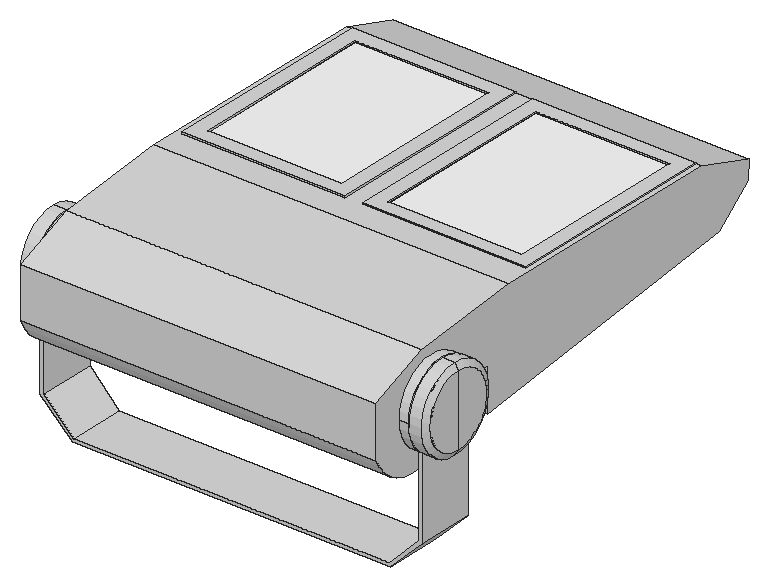
Revit family "0049116 Feilo Sylvania Lighting Fixture SYLVEO LED 12000LM WIDE 3K", category Lighting Fixtures, host Face, Revit 2017
Family settings
  Host = Face
  Round Connector Dimension = Use Diameter
  Part Type = Normal
  Cut with Voids When Loaded = No
  Light Source = No
  Shared = No
  Room Calculation Point = No
Parameters (values of type "0049116 SYLVEO LED 12000LM WIDE 3K")
  Weight = "8.424 kg"
  Wattage Comments = "n/a"
  WarrantyStartDate [instance] = "n/a"
  WarrantyGuarantorParts = "n/a"
  WarrantyDurationUnit = "n/a"
  WarrantyDurationParts = "n/a"
  WarrantyDescription = "n/a"
  Voltage = 230 V
  URL = "http://www.sylvania-lighting.com"
  TypeName = "SYLVEO LED 12000LM WIDE 3K"
  TypeBody_FEILO = Sylveo Large Body : 0049116 SYLVEO LED 12000LM WIDE 3K
  Type Image = <None>
  Type Comments = "n/a"
  TotalWidth = 344 mm
  TiltAngle [instance] = 0.00°
  StartAngle [instance] = -TiltAngle  # 0.00°
  SerialNumber [instance] = "n/a"
  PowerFactor = 0
  PowerConsumption = "120.2 W"
  NominalWidth = 0 mm
  NominalLength = 344 mm
  NominalHeight = 392 mm
  Name = "SYLVEO LED 12000LM WIDE 3K"
  ModelReference = "SYLVEO LED 12000LM WIDE 3K"
  ModelNumber = "0049116"
  Model = "SYLVEO LED 12000LM WIDE 3K"
  Material_4_FEILO = none
  Material_3_FEILO = none
  Material_2_FEILO = none
  Material_1_FEILO = Body-Sylvania-Sylveo-Aluminium
  Material = "aluminium housing, glass diffuser"
  ManufacturerName = "Feilo Sylvania"
  Manufacturer = "Feilo Sylvania"
  LuminousEfficacy = "103.1 lm/W"
  LuminaireType = ""
  LightOutputRatio = "100"
  LampsType = Lamp  # "LED"
  LampNominalLuminous = "12393 lm"
  LampMacAdamStep = "6"
  LampColourTemperature = "3000 K"
  LampColourRenderingIndex = "70"
  Lamp = "LED"
  Keynote = "16500"
  InstallationDate [instance] = "n/a"
  InputVoltage = "100-240V~"
  InputNominalFrequency = "50 Hz"
  IngressProtection = "IP66"
  ImpactProtectionIndex = "IK08"
  IfcExportType = "IfcLightFixtureType"
  IfcExportAs = "IfcLightFixtureType"
  HingeHeight = 121 mm
  ExpectedLife = 50000
  EndAngle [instance] = StartAngle + 180.00°  # 180.00°
  ElectricShockClassification = "Class I"
  DurationUnit = "hours"
  DocumentationLiterature = "http://www.sylvania-lighting.com/product/en-int/products/0049116"
  DimmingControlOptions = "Non dimmable"
  Description = "Exterior LED Floodlight, comes complete with a 1000mm cable and adjustable bracket, aluminium housing, clear glass diffuser, IP66, IK08, Class I, 3000K, Non-dimming, 12393lm, 120W, 103lm/W, 3600mA, CRI70, 52° beam angle, 50000hrs, (LxWxD) 98x344x392mm"
  Default Elevation = 1219.2 mm
  CreatedOn = "12/18/2017"
  CreatedBy = ""
  Cost = 0
  built-in parameter 1114216 [instance] = (empty or 0)
  ClassificationValue = "EF_70_80"
  ClassificationName = "Uniclass2015"
  Calculate Coefficient of Utilization = no
  BracketWidth = 48 mm
  BracketThickness = 3 mm
  BracketOuterWidth = BracketInnerWidth + 2 * BracketThickness  # 322 mm
  BracketInnerWidth = 316 mm
  BracketFold = 25 mm
  BracketExtrusionStart = -BracketWidth / 2  # -24 mm
  BracketExtrusionEnd = BracketWidth / 2  # 24 mm
  BarCode [instance] = "n/a"
  AssetType = "Fixed"
  AssetIdentifier [instance] = "n/a"
  Assembly Code = "D5020200"
  Apparent Load = 120.2 VA
Reference planes
  plane 1 "Center (Front/Back)": y = 0
  plane 2: z = 0
  plane 3 "Center (Left/Right)": x = 0
  plane 4: x = 158
  plane 5: x = -158
  plane 6: z = 121
  plane 7: x = 172
  plane 8: x = -172
  plane 9: z = 156
  plane 10: z = 86
  plane 11: x = 169
  plane 12: x = -169
  plane 13: x = 161
  plane 14: x = -161
  plane 15: z = 3
  plane 16: z = 28
  plane 17: x = 133
  plane 18: x = -133
  plane 19: z = 91
Forms (mm)
  Extrusion 1, solid, material "Body-Sylvania-Sylveo-Aluminium" <- "Material_1_FEILO"
    sketch origin (0, 0, 0) x (1, 0, 0) y (0, 0, 1)
      loop
        line (0, 3) -> (0, 0) -> (133.828, 0) -> (161, 27.172) -> (161, 121) -> (158, 121) -> (158, 28) -> (133, 3) -> (0, 3)
    from -24 <- "BracketExtrusionStart" to 24 <- "BracketExtrusionEnd"
  Extrusion 2, solid, material "Body-Sylvania-Sylveo-Aluminium" <- "Material_1_FEILO"
    sketch origin (0, 0, 0) x (-1, 0, 0) y (0, 0, -1)
      loop
        line (0, -3) -> (133, -3) -> (158, -28) -> (158, -121) -> (161, -121) -> (161, -27.172) -> (133.828, 0) -> (0, 0) -> (0, -3)
    from -24 <- "BracketExtrusionStart" to 24 <- "BracketExtrusionEnd"
  Revolve 3, solid, material "Body-Sylvania-Sylveo-Aluminium" <- "Material_1_FEILO"
    sketch origin (0, 0, 0) x (1, 0, 0) y (0, 0, 1)
      loop
        line (-158, 121) -> (-172, 121) -> (-172, 91) -> (-169, 86) -> (-158, 86) -> (-158, 121)
      axis (-158, 121) -> (-172, 121)
    angle from 0 to 360
  Revolve 4, solid, material "Body-Sylvania-Sylveo-Aluminium" <- "Material_1_FEILO"
    sketch origin (0, 0, 0) x (-1, 0, 0) y (0, 0, 1)
      loop
        line (-158, 121) -> (-172, 121) -> (-172, 91) -> (-169, 86) -> (-158, 86) -> (-158, 121)
      axis (-158, 121) -> (-172, 121)
    angle from 0 to 360
  Revolve 5, solid, not visible
    sketch origin (181.107, 0, 121) x (1, 0, 0) y (0, 1, 0)
      loop
        line (-191.101, 0) -> (-171.112, 0) -> (-171.112, 10) -> (-191.101, 10) -> (-191.101, 0)
      axis (-171.112, 0) -> (-191.101, 0)
    angle from 0 <- "StartAngle" to 180 <- "EndAngle"
Cuts and joins
  joined: Extrusion 1, Extrusion 2, Revolve 3, Revolve 4
Dimensions and locks
  equal spacing: plane 5, plane 3 "Center (Left/Right)", plane 4
  equal spacing: plane 7, plane 3 "Center (Left/Right)", plane 8
  "TotalWidth": plane 7 to plane 8
  "HingeHeight": plane 2 to plane 6
  equal spacing: plane 10, plane 6, plane 9
  locked: plane 10 to plane 9 at 70
  equal spacing: plane 11, plane 3 "Center (Left/Right)", plane 12
  locked: plane 11 to plane 12 at 338
  equal spacing: plane 13, plane 3 "Center (Left/Right)", plane 14
  "BracketThickness": plane 2 to plane 15
  equal spacing: plane 17, plane 3 "Center (Left/Right)", plane 18
  locked: plane 19 to plane 10 at 5
  locked: Revolve 5 sketch curve to Revolve 5 sketch curve at 10
  equal spacing: Revolve 5 sketch curve, plane 3 "Center (Left/Right)", Revolve 5 sketch curve
  locked: Revolve 5 sketch curve to Revolve 5 sketch curve at 19.988
  "BracketInnerWidth": plane 5 to plane 4
  "BracketOuterWidth": plane 13 to plane 14
  "BracketFold": plane 4 to plane 17
  "BracketFold": plane 15 to plane 16
  aligned and locked: plane 2 to host face
  aligned and locked: level to host face
  aligned and locked: Revolve 3 sketch curve to plane 10
  aligned and locked: Revolve 3 sketch curve to plane 8
  aligned and locked: plane 5 to Revolve 3 sketch curve
  aligned and locked: Revolve 3 sketch curve to plane 6  (x2)
  aligned and locked: Revolve 5 sketch curve to plane 1 "Center (Front/Back)"
  aligned and locked: plane 3 "Center (Left/Right)" to nested 1
Automatic sketch dimensions
  host sketch curve to host sketch curve = 2438.4 mm  (x2)
  Extrusion 1 sketch curve to plane 3 "Center (Left/Right)" = 0 mm  (x2)
  Extrusion 1 sketch curve to level = 0 mm  (x2)
  Extrusion 1 sketch curve to plane 15 = 0 mm
  Extrusion 1 sketch curve to plane 17 = 0 mm
  plane 4 to Extrusion 1 sketch curve = 0 mm
  Extrusion 1 sketch curve to plane 13 = 0 mm  (x2)
  Extrusion 1 sketch curve to plane 6 = 0 mm  (x2)
  Extrusion 1 sketch curve to plane 16 = 0 mm
  plane 17 to Extrusion 1 sketch curve = 0.828 mm
  Extrusion 1 sketch curve to plane 16 = 0.828 mm
  Extrusion 2 sketch curve to plane 3 "Center (Left/Right)" = 0 mm  (x2)
  Extrusion 2 sketch curve to level = 0 mm  (x2)
  Extrusion 2 sketch curve to plane 15 = 0 mm
  plane 18 to Extrusion 2 sketch curve = 0 mm
  plane 5 to Extrusion 2 sketch curve = 0 mm
  plane 14 to Extrusion 2 sketch curve = 0 mm  (x2)
  Extrusion 2 sketch curve to plane 6 = 0 mm  (x2)
  Extrusion 2 sketch curve to plane 16 = 0 mm
  Extrusion 2 sketch curve to plane 18 = 0.828 mm
  plane 16 to Extrusion 2 sketch curve = 0.828 mm
  plane 12 to Revolve 3 sketch curve = 0 mm
  Revolve 3 sketch curve to plane 19 = 0 mm
  plane 8 to Revolve 3 sketch curve = 77.715 mm
  plane 7 to Revolve 3 sketch curve = 78.607 mm
  Revolve 4 sketch curve to plane 6 = 0 mm  (x2)
  Revolve 4 sketch curve to plane 7 = 0 mm
  Revolve 4 sketch curve to plane 10 = 0 mm
  Revolve 4 sketch curve to plane 11 = 0 mm
  plane 4 to Revolve 4 sketch curve = 0 mm
  Revolve 4 sketch curve to plane 19 = 0 mm
  Revolve 4 sketch curve to Revolve 4 sketch curve = 77.715 mm
  Revolve 4 sketch curve to plane 8 = 78.607 mm
  plane 1 "Center (Front/Back)" to Revolve 5 sketch curve = 0 mm
  plane 8 to Revolve 5 sketch curve = 1421.5 mm
  plane 7 to Revolve 5 sketch curve = 1421.5 mm
Nested families
  nested 1: "Sylveo Large Body" at (0, 0, 121), type <- "TypeBody_FEILO", type "0049116 SYLVEO LED 12000LM WIDE 3K"
Definition of nested family "Sylveo Large Body"
  Parameters (values of type "0049144 SYLVEO LED 12000LM RASYM 4K DALI ")
    Wattage = 120 W
    built-in parameter 1150110 = 1 (stored number, unit not read)
    VoidExtrusionStart = -BodyWidth / 2  # -158 mm
    URL = "http://www.feilosylvania.com"
    Type Comments = "n/a"
    built-in parameter 1114217 = 1 (stored number, unit not read)
    TiltAngle = 0.00°
    Tilt Angle = -90.00°
    built-in parameter 1150109 = 1 (stored number, unit not read)
    built-in parameter 1150134 = 12
    built-in parameter 1150113 = 1 (stored number, unit not read)
    Photometric Web File = "0049144.ies"
    Material_3_FEILO = none
    Model = "SYLVEO LED 12000LM RASYM 4K DALI"
    Manufacturer = "Feilo Sylvania"
    built-in parameter 1150105 = 6486.1 (stored number, unit not read)
    Lumens = 12552 lm
    built-in parameter 1150115 = 1 (stored number, unit not read)
    built-in parameter 1150137 = (empty or 0)
    built-in parameter 1150139 = (empty or 0)
    built-in parameter 1150112 = 1 (stored number, unit not read)
    built-in parameter 1150114 = 1 (stored number, unit not read)
    Lamp = "LED"
    Keynote = "16500"
    built-in parameter 1150132 = (empty or 0)
    built-in parameter 1150102 = (empty or 0)
    built-in parameter 1150107 = 4000 (stored number, unit not read)
    built-in parameter 1150138 = (empty or 0)
    built-in parameter 1150106 = 64.861 (stored number, unit not read)
    HingeRadius = 35 mm
    HingeFromTop = 51.5 mm
    Material_2_FEILO = none
    Emit from Rectangle Width = 155.3 mm
    Emit from Rectangle Length = 265 mm
    Emit Shape Visible in Rendering = no
    built-in parameter 1150104 = 9.7177 (stored number, unit not read)
    Dimming Lamp Color Temperature Shift = (empty or 0)
    Description = "Exterior LED floodlight, comes complete with a 1000mm cable and adjustable bracket, aluminium housing, clear glass diffuser, 12547lm, 120W, 104lm/W, 4000K, 3570mA, CRI70, 52°x117° beam angle, DALI dimmable, IP66, IK08, Class I, 50000hrs, (LxWxD) 98x344x392mm"
    Default Elevation = 1219.2 mm
    Cost = 0
    Color Filter = 16777215
    BodyWidthTop = 299 mm
    Material_1_FEILO = none
    BodyWidth = 316 mm
    BodyHeight = 392 mm
    BodyExtrusionStart = -(BodyDepth - HingeFromTop)  # -46.5 mm
    BodyExtrusionEnd = HingeFromTop  # 51.5 mm
    BodyDepth = 98 mm
    built-in parameter 1114218 = 1 (stored number, unit not read)
    built-in parameter 1150133 = 10 (stored number, unit not read)
    Assembly Code = "D5020200"
    Material_4_FEILO = none
    Apparent Load = 120 VA
  Types (9, lengths in mm): name | Wattage | built-in parameter 1150134 | Photometric Web File | Model | built-in parameter 1150105 | Lumens | built-in parameter 1150107 | built-in parameter 1150106 | built-in parameter 1150104 | Description | Apparent Load
    0049144 SYLVEO LED 12000LM RASYM 4K DALI | 120 W | 12 | "0049144.ies" | "SYLVEO LED 12000LM RASYM 4K DALI" | 6486.1 (stored number, unit not read) | 12552 lm | 4000 (stored number, unit not read) | 64.861 (stored number, unit not read) | 9.7177 (stored number, unit not read) | "Exterior LED floodlight, comes complete with a 1000mm cable and adjustable bracket, aluminium housing, clear glass diffuser, 12547lm, 120W, 104lm/W, 4000K, 3570mA, CRI70, 52°x117° beam angle, DALI dimmable, IP66, IK08, Class I, 50000hrs, (LxWxD) 98x344x392mm" | 120 VA
    0049143 SYLVEO LED 12000LM WIDE 4K DALI | 121 W | 12 | "0049143.ies" | "SYLVEO LED 12000LM WIDE 4K DALI" | 16096.1 (stored number, unit not read) | 13225.3 lm | 4000 (stored number, unit not read) | 160.96 (stored number, unit not read) | 10.154 (stored number, unit not read) | "Exterior LED floodlight, comes complete with a 1000mm cable and adjustable bracket, aluminium housing, clear glass diffuser, 13222lm, 120W, 109lm/W, 4000K, 3570mA, CRI70, 52° beam angle, DALI dimmable, IP66, IK08, Class I, 50000hrs, (LxWxD) 98x344x392mm" | 121 VA
    0049142 SYLVEO LED 12000LM NAR 4K DALI | 121 W | 12 | "0049142.ies" | "SYLVEO LED 12000LM NAR 4K DALI" | 29878.8 (stored number, unit not read) | 12838.1 lm | 4000 (stored number, unit not read) | 298.79 (stored number, unit not read) | 9.857 (stored number, unit not read) | "Exterior LED floodlight, comes complete with a 1000mm cable and adjustable bracket, aluminium housing, clear glass diffuser, 12833lm, 121W, 106lm/W, 4000K, 3570mA, 30° beam angle, CRI70, DALI dimmable, IP66, IK08, Class I, 50000hrs, (LxWxD) 98x344x392mm" | 121 VA
    0049117 SYLVEO LED 12000LM RASYM 3K | 120.6 W | (empty or 0) | "0049117.ies" | "SYLVEO LED 12000LM RASYM 3K" | 6411.7 (stored number, unit not read) | 12409.7 lm | 3000 (stored number, unit not read) | 64.117 (stored number, unit not read) | 9.5597 (stored number, unit not read) | "Exterior LED Floodlight, comes complete with a 1000mm cable and adjustable bracket, aluminium housing, clear glass diffuser, IP66, IK08, Class I, 3000K, Non-dimming, 12412lm, 121W, 103lm/W, 3600mA, CRI70, 52°x117° beam angle, 50000hrs, (LxWxD) 98x344x392mm" | 120.6 VA
    0049116 SYLVEO LED 12000LM WIDE 3K | 120.2 W | (empty or 0) | "0049116.ies" | "SYLVEO LED 12000LM WIDE 3K" | 15595 (stored number, unit not read) | 12392.6 lm | 3000 (stored number, unit not read) | 155.95 (stored number, unit not read) | 9.5783 (stored number, unit not read) | "Exterior LED Floodlight, comes complete with a 1000mm cable and adjustable bracket, aluminium housing, clear glass diffuser, IP66, IK08, Class I, 3000K, Non-dimming, 12393lm, 120W, 103lm/W, 3600mA, CRI70, 52° beam angle, 50000hrs, (LxWxD) 98x344x392mm" | 120.2 VA
    0049115 SYLVEO LED 12000LM NAR 3K | 121.3 W | (empty or 0) | "0049115.ies" | "SYLVEO LED 12000LM NAR 3K" | 29900.5 (stored number, unit not read) | 12154.3 lm | 3000 (stored number, unit not read) | 299 (stored number, unit not read) | 9.3089 (stored number, unit not read) | "Exterior LED Floodlight, comes complete with a 1000mm cable and adjustable bracket, aluminium housing, clear glass diffuser, IP66, IK08, Class I, 3000K, Non-dimming, 12149lm, 121W, 100lm/W, 3600mA, CRI70, 30° beam angle, 50000hrs, (LxWxD) 98x344x392mm" | 121.3 VA
    0049114 SYLVEO LED 12000LM RASYM 4K | 121.5 W | 12 | "0049114.ies" | "SYLVEO LED 12000LM RASYM 4K" | 6754.6 (stored number, unit not read) | 13073.4 lm | 4000 (stored number, unit not read) | 67.546 (stored number, unit not read) | 9.9964 (stored number, unit not read) | "Exterior LED Floodlight, comes complete with a 1000mm cable and adjustable bracket, aluminium housing, clear glass diffuser, IP66, IK08, Class I, 4000K, Non-dimming, 13073lm, 122W, 108lm/W, 3600mA, CRI70, 52°x117° beam angle, 50000hrs, (LxWxD) 98x344x392mm" | 121.5 VA
    0049113 SYLVEO LED 12000LM WIDE 4K | 121.5 W | 12 | "0049113.ies" | "SYLVEO LED 12000LM WIDE 4K" | 15077 (stored number, unit not read) | 13158.5 lm | 4000 (stored number, unit not read) | 150.77 (stored number, unit not read) | 10.061 (stored number, unit not read) | "Exterior LED Floodlight, comes complete with a 1000mm cable and adjustable bracket, aluminium housing, clear glass diffuser, IP66, IK08, Class I, 4000K, Non-dimming, 13159lm, 122W, 108lm/W, 3600mA, CRI70, 52° beam angle, 50000hrs, (LxWxD) 98x344x392mm" | 121.5 VA
    0049112 SYLVEO LED 12000LM NAR 4K | 120.7 W | 12 | "0049112.ies" | "SYLVEO LED 12000LM NAR 4K" | 28932.3 (stored number, unit not read) | 12637.3 lm | 4000 (stored number, unit not read) | 289.32 (stored number, unit not read) | 9.7269 (stored number, unit not read) | "Exterior LED Floodlight, comes complete with a 1000mm cable and adjustable bracket, aluminium housing, clear glass diffuser, IP66, IK08, Class I, 4000K, Non-dimming, 12637lm, 121W, 105lm/W, 4000K, 3600mA, CRI70, 30° beam angle, 50000hrs, (LxWxD) 98x344x392mm" | 120.7 VA
  Reference planes
    plane 1 "Center (Front/Back)": y = 0
    plane 2: z = 0
    plane 3 "Center (Left/Right)": x = 0
    plane 4: y = 333.243
    plane 5: y = 313.009
    plane 6: y = 284.289
    plane 7: y = 271.887
    plane 8: y = 116.539
    plane 9: y = 104.79
    plane 10: y = 81.292
    plane 11: y = 43.434
    plane 12: y = 35
    plane 13: y = -35
    plane 14: y = -58.757
    plane 15: x = -132.503
    plane 16: x = -19.582
    plane 17: x = 19.582
    plane 18: x = 132.503
    plane 19: x = -3.59
    plane 20: x = 3.59
    plane 21: x = -149.5
    plane 22: x = 149.5
    plane 23: x = -158
    plane 24: x = 158
    plane 25: y = -10.721
    plane 26: z = 22.496
    plane 27: z = -20
    plane 28: y = -20.127
    plane 29: y = 49.579
    plane 30: y = 58.954
    plane 31: z = -40.407
    plane 32: z = -36.657
    plane 33: y = 302.105
    plane 34: z = -6.225
    plane 35: z = 35.293
    plane 36: z = 19.043
    plane 37: z = 42.496
    plane 38: x = -144.5
    plane 39: x = 144.5
    plane 40: x = -7.34
    plane 41: x = 7.34
    plane 42: y = 194.213
  Forms (mm)
    Extrusion 1, solid
      sketch origin (-0.8, 0, 0) x (1, 0, 0) y (0, 1, 0)
        loop
          line (-1219.2, 1219.2) -> (-1219.2, -1219.2) -> (1219.2, -1219.2) -> (1219.2, 1219.2) -> (-1219.2, 1219.2)
      from 0 to -304.8
    Revolve 2, solid, material <- "Material_1_FEILO"
      sketch origin (0, 0, 0) x (1, 0, 0) y (0, 1, 0)
        loop
          line (-158, 35) -> (-158, 0) -> (-149.5, 0) -> (-149.5, 35) -> (-158, 35)
        loop
          line (158, 0) -> (158, 35) -> (149.5, 35) -> (149.5, 0) -> (158, 0)
        axis (158, 0) -> (-158, 0)
      angle from 0 to 360
    Extrusion 3, solid, material <- "Material_1_FEILO"
      sketch origin (0, 0, 0) x (1, 0, 0) y (0, 1, 0)
        loop
          line (-149.5, 333.243) -> (-149.5, -58.757) -> (149.5, -58.757) -> (149.5, 333.243) -> (-149.5, 333.243)
      from -46.5 <- "BodyExtrusionStart" to 51.5 <- "BodyExtrusionEnd"
    Extrusion 4, void
      sketch origin (0, 0, 0) x (0, 1, 0) y (0, 0, 1)
        loop
          line (81.292, 51.5) -> (-58.757, 51.5) -> (-58.757, 22.496) -> (-10.721, 42.496) -> (81.292, 51.5)
        loop
          line (-58.757, -20) -> (-58.757, -46.5) -> (-20.127, -46.5)
          arc (-20.127, -46.5) -> (-43.549, -39.238) -> (-58.757, -20) r 41.406
      from -158 <- "VoidExtrusionStart" to 316 <- "BodyWidth"
    Extrusion 5, void, detail levels medium+fine
      sketch origin (0, 0, 0) x (0, 1, 0) y (0, 0, 1)
        loop
          line (-20.127, -46.5) -> (333.243, -46.5) -> (333.243, 19.043) -> (302.105, -6.225) -> (58.954, -36.657) -> (58.954, 0) -> (49.579, 0) -> (49.579, -40.407) -> (-20.127, -46.5)
        loop
          line (333.243, 51.5) -> (284.289, 51.5)
          arc (284.289, 51.5) -> (309.162, 44.591) -> (333.243, 35.293) r 264.729
          line (333.243, 35.293) -> (333.243, 51.5)
      from -158 <- "VoidExtrusionStart" to 316 <- "BodyWidth"
    Extrusion 6, solid, material <- "Material_1_FEILO", detail levels medium+fine
      sketch origin (0, 0, 51.5) x (1, 0, 0) y (0, 1, 0)
        loop
          line (-144.5, 284.289) -> (-144.5, 104.79) -> (-7.34, 104.79) -> (-7.34, 284.289) -> (-144.5, 284.289)
        loop
          line (7.34, 284.289) -> (7.34, 104.79) -> (144.5, 104.79) -> (144.5, 284.289) -> (7.34, 284.289)
        loop
          line (19.582, 271.887) -> (19.582, 116.539) -> (132.503, 116.539) -> (132.503, 271.887) -> (19.582, 271.887)
        loop
          line (-19.582, 116.539) -> (-19.582, 271.887) -> (-132.503, 271.887) -> (-132.503, 116.539) -> (-19.582, 116.539)
      from 0 to 1
    Extrusion 7, void
      sketch origin (0, 0, 51.5) x (0, 1, 0) y (1, 0, 0)
        loop
          line (271.887, -132.503) -> (271.887, -19.582) -> (116.539, -19.582) -> (116.539, -132.503) -> (271.887, -132.503)
        loop
          line (116.539, 19.582) -> (271.887, 19.582) -> (271.887, 132.503) -> (116.539, 132.503) -> (116.539, 19.582)
      from 0 to 10
    Extrusion 8, solid, material <- "Material_2_FEILO"
      sketch origin (0, 0, 51.5) x (1, 0, 0) y (0, 1, 0)
        loop
          line (-132.503, 271.887) -> (-132.503, 116.539) -> (-19.582, 116.539) -> (-19.582, 271.887) -> (-132.503, 271.887)
        loop
          line (19.582, 116.539) -> (132.503, 116.539) -> (132.503, 271.887) -> (19.582, 271.887) -> (19.582, 116.539)
      from 0 to -1
  Cuts and joins
    Extrusion 4, Extrusion 5, Extrusion 7 cuts Revolve 2
    Extrusion 4, Extrusion 5, Extrusion 7 cuts Extrusion 3
    joined: Revolve 2, Extrusion 3
  Dimensions and locks
    equal spacing: plane 19, plane 3 "Center (Left/Right)", plane 20
    equal spacing: plane 16, plane 3 "Center (Left/Right)", plane 17
    equal spacing: plane 15, plane 3 "Center (Left/Right)", plane 18
    locked: plane 16 to plane 17 at 39.163
    locked: plane 19 to plane 20 at 7.18
    locked: plane 15 to plane 18 at 265.006
    locked: plane 7 to plane 8 at 155.348
    locked: plane 6 to plane 9 at 179.499
    locked: plane 5 to plane 10 at 231.717
    "BodyHeight": plane 4 to plane 14
    equal spacing: plane 12, plane 1 "Center (Front/Back)", plane 13
    "HingeRadius": plane 12 to plane 1 "Center (Front/Back)"
    equal spacing: plane 21, plane 3 "Center (Left/Right)", plane 22  (x2)
    equal spacing: plane 23, plane 3 "Center (Left/Right)", plane 24
    "BodyWidth": plane 23 to plane 24
    "BodyWidthTop": plane 21 to plane 22
    locked: plane 1 "Center (Front/Back)" to plane 14 at 58.757
    locked: plane 1 "Center (Front/Back)" to plane 11 at 43.434
    locked: plane 1 "Center (Front/Back)" to plane 10 at 81.292
    locked: plane 9 to plane 1 "Center (Front/Back)" at 104.79
    locked: plane 8 to plane 1 "Center (Front/Back)" at 116.539
    equal spacing: plane 38, plane 3 "Center (Left/Right)", plane 39
    equal spacing: plane 40, plane 3 "Center (Left/Right)", plane 41
    equal spacing: plane 7, plane 42, plane 8, locked at 77.674 each
    aligned and locked: plane 2 to Extrusion 1
    aligned and locked: level to Extrusion 1
    aligned and locked: Revolve 2 sketch curve to plane 1 "Center (Front/Back)"  (x3)
    aligned and locked: Revolve 2 sketch curve to plane 12  (x2)
    aligned and locked: Revolve 2 sketch curve to plane 23
    aligned and locked: Revolve 2 sketch curve to plane 21
    aligned and locked: plane 24 to Revolve 2 sketch curve
    aligned and locked: plane 22 to Revolve 2 sketch curve
    aligned and locked: Extrusion 3 sketch curve to plane 4
    aligned and locked: plane 21 to Extrusion 3 sketch curve
    aligned and locked: plane 14 to Extrusion 3 sketch curve
    aligned and locked: Extrusion 3 sketch curve to plane 22
    aligned and locked: plane 10 to Extrusion 4 sketch curve
    aligned and locked: plane 25 to Extrusion 4 sketch curve
    aligned and locked: plane 14 to Extrusion 4 sketch curve
    aligned and locked: Extrusion 4 sketch curve to cut or joined group of Revolve 2, Extrusion 3, Extrusion 4, Extrusion 5, Extrusion 7  (x2)
    aligned and locked: Extrusion 5 sketch curve to plane 29
    aligned and locked: Extrusion 5 sketch curve to level
    aligned and locked: plane 32 to Extrusion 5 sketch curve
    aligned and locked: Extrusion 5 sketch curve to plane 30
    aligned and locked: plane 34 to Extrusion 5 sketch curve
    aligned and locked: plane 36 to Extrusion 5 sketch curve
    aligned and locked: Extrusion 5 sketch curve to plane 4
    aligned and locked: plane 6 to Extrusion 5 sketch curve
    aligned and locked: plane 9 to Extrusion 6 sketch curve  (x2)
    aligned and locked: Extrusion 6 sketch curve to plane 6
    aligned and locked: Extrusion 6 sketch curve to plane 7  (x2)
    aligned and locked: plane 17 to Extrusion 6 sketch curve
    aligned and locked: plane 8 to Extrusion 6 sketch curve  (x2)
    aligned and locked: Extrusion 6 sketch curve to plane 18
    aligned and locked: Extrusion 6 sketch curve to plane 16
    aligned and locked: plane 15 to Extrusion 6 sketch curve
    aligned and locked: plane 38 to Extrusion 6 sketch curve
    aligned and locked: Extrusion 6 sketch curve to plane 39
    aligned and locked: Extrusion 6 sketch curve to plane 40
    aligned and locked: plane 41 to Extrusion 6 sketch curve
    aligned and locked: Extrusion 7 sketch curve to Extrusion 6  (x8)
    aligned and locked: Extrusion 8 sketch curve to cut or joined group of Revolve 2, Extrusion 3, Extrusion 4, Extrusion 5, Extrusion 7  (x8)
    aligned and locked: imposter light to plane 42
    aligned and locked: imposter light to plane 3 "Center (Left/Right)"
    aligned and locked: imposter light to Extrusion 6
  Automatic sketch dimensions
    Extrusion 1 sketch curve to Extrusion 1 sketch curve = 2438.4 mm  (x2)
    plane 23 to Revolve 2 sketch curve = 1366 mm
    Revolve 2 sketch curve to plane 24 = 1366 mm
    Extrusion 4 sketch curve to plane 14 = 0 mm
    Extrusion 4 sketch curve to plane 28 = 0 mm
    Extrusion 4 sketch curve to plane 27 = 0 mm
    Extrusion 4 sketch curve to plane 26 = 0 mm
    Extrusion 4 sketch curve to plane 37 = 0 mm
    Extrusion 5 sketch curve to plane 33 = 0 mm
    Extrusion 5 sketch curve to plane 31 = 0 mm
    plane 35 to Extrusion 5 sketch curve = 0 mm
    Extrusion 5 sketch curve to plane 7 = 45.926 mm
    Extrusion 5 sketch curve to plane 28 = 0 mm
    Extrusion 5 sketch curve to plane 4 = 0 mm
    Extrusion 5 sketch curve to plane 31 = 6.093 mm
    Extrusion 5 sketch curve to plane 31 = 166.316 mm
    Extrusion 6 sketch curve to Extrusion 6 sketch curve = 0 mm
